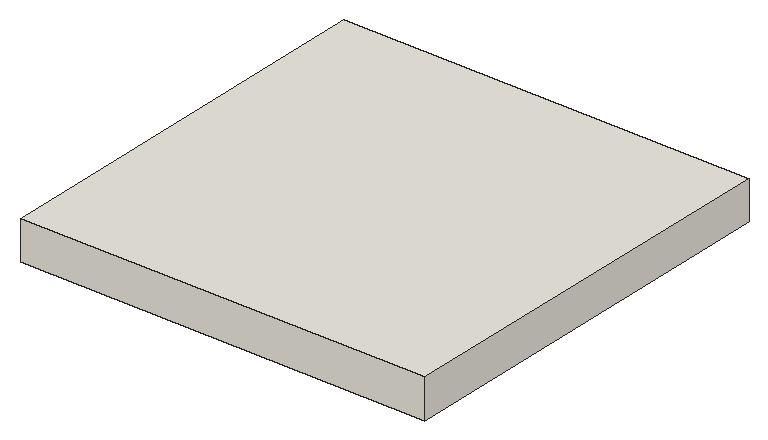
Revit family "UNIVERSAL", category Осветительные приборы, Revit 2019 (continued)
Types (12, lengths in mm): name | Файл фотометрической сетки | built-in parameter 1150105 | Lumens | built-in parameter 1150106 | built-in parameter 1150142 | Wattage | Emit from Rectangle Width | Emit from Rectangle Length | Длина | Ширина | ADSK_Ток | ADSK_Полная мощность | ADSK_Обозначение | ADSK_Номинальная мощность | ADSK_Наименование | ADSK_Код изделия
     455.957 388.002 \r\n322.118 259.095 199.130 140.545 88.075 40.142 2.959 \r\n2375.255 2375.058 2370.718 2362.236 2349.315 2332.450 2311.443 2286.293 2257.000 2224.452 2188.158 2148.312 2104.818 2058.758 2010.233 1958.256 1903.813 1846.708 \r\n1787.630 1726.875 1663.655 1598.955 1533.367 1466.301 1397.063 1326.052 1252.968 1181.168 1108.971 1036.283 963.003 889.624 816.244 742.964 669.979 597.882 526.574 456.943 388.889 \r\n323.007 259.786 199.721 141.038 88.469 40.437 2.959 \r\n2375.255 2375.156 2370.817 2362.433 2349.612 2332.746 2311.936 2286.786 2257.592 2225.045 2188.848 2149.200 2105.804 2059.646 2011.318 1959.341 1904.997 1847.891 \r\n1788.912 1728.157 1664.937 1600.336 1534.749 1467.681 1398.543 1327.629 1254.250 1182.450 1110.254 1037.566 964.285 890.906 817.428 744.147 671.064 598.868 527.659 457.830 389.777 \r\n323.795 260.575 200.412 141.531 88.864 40.733 2.959 \r\n2375.255 2375.255 2370.915 2362.631 2349.808 2333.042 2312.330 2287.377 2258.183 2225.735 2189.637 2149.989 2106.691 2060.632 2012.403 1960.426 1906.083 1849.173 \r\n1790.194 1729.539 1666.318 1601.717 1536.129 1469.062 1399.924 1329.109 1255.631 1183.830 1111.634 1038.848 965.567 892.089 818.611 745.232 672.149 599.953 528.646 458.817 390.664 \r\n324.584 261.265 201.003 142.123 89.357 40.930 2.959 \r\n2375.255 2375.255 2371.014 2362.827 2350.105 2333.437 2312.725 2287.871 2258.776 2226.425 2190.328 2150.778 2107.579 2061.618 2013.389 1961.610 1907.265 1850.357 \r\n1791.378 1730.821 1667.698 1603.097 1537.608 1470.542 1401.305 1330.588 1257.012 1185.211 1112.917 1040.228 966.849 893.371 819.795 746.416 673.234 601.038 529.632 459.705 391.553 \r\n325.373 261.956 201.694 142.616 89.751 41.226 3.057 \r\n2375.255 2375.353 2371.112 2362.927 2350.301 2333.732 2313.119 2288.364 2259.367 2227.017 2191.117 2151.666 2108.565 2062.604 2014.474 1962.694 1908.449 1851.639 \r\n1792.660 1732.103 1668.981 1604.478 1538.989 1471.922 1402.685 1332.067 1258.393 1186.493 1114.297 1041.511 968.132 894.555 820.978 747.599 674.318 602.025 530.618 460.691 392.441 \r\n326.163 262.745 202.285 143.208 90.146 41.523 3.057 \r\n2375.255 2375.353 2371.211 2363.124 2350.598 2334.127 2313.612 2288.857 2259.959 2227.708 2191.807 2152.454 2109.452 2063.492 2015.461 1963.780 1909.633 1852.922 \r\n1793.942 1733.484 1670.361 1605.859 1540.370 1473.303 1404.165 1333.547 1259.774 1187.874 1115.579 1042.793 969.314 895.837 822.162 748.684 675.404 603.109 531.604 461.578 393.328 \r\n327.050 263.435 202.976 143.701 90.541 41.818 3.057 \r\n2375.255 2375.452 2371.310 2363.321 2350.795 2334.423 2314.007 2289.350 2260.452 2228.398 2192.596 2153.342 2110.340 2064.479 2016.545 1964.963 1910.816 1854.105 \r\n1795.224 1734.766 1671.742 1607.240 1541.751 1474.782 1405.546 1335.026 1261.154 1189.255 1116.961 1044.075 970.597 897.021 823.346 749.867 676.488 604.195 532.591 462.564 394.216 \r\n327.839 264.126 203.568 144.194 91.034 42.114 3.156 \r\n2375.255 2375.551 2371.408 2363.518 2351.091 2334.818 2314.402 2289.843 2261.044 2228.990 2193.287 2154.131 2111.228 2065.465 2017.631 1966.048 1912.000 1855.388 \r\n1796.507 1736.146 1673.123 1608.621 1543.132 1476.164 1406.926 1336.605 1262.535 1190.537 1118.243 1045.357 971.879 898.204 824.628 750.953 677.672 605.181 533.577 463.452 395.103 \r\n328.628 264.915 204.258 144.786 91.428 42.410 3.156 \r\n2375.255 2375.551 2371.507 2363.715 2351.288 2335.113 2314.895 2290.336 2261.635 2229.680 2194.075 2154.920 2112.215 2066.451 2018.617 1967.132 1913.183 1856.570 \r\n1797.690 1737.429 1674.406 1610.001 1544.611 1477.544 1408.307 1338.084 1263.916 1191.917 1119.624 1046.639 973.161 899.486 825.812 752.136 678.757 606.265 534.563 464.439 395.893 \r\n329.417 265.605 204.850 145.279 91.823 42.705 3.156 \r\n2375.255 2375.649 2371.606 2363.814 2351.584 2335.409 2315.289 2290.829 2262.227 2230.370 2194.766 2155.808 2113.102 2067.437 2019.701 1968.316 1914.268 1857.853 \r\n1798.973 1738.809 1675.786 1611.382 1545.992 1479.023 1409.688 1339.564 1265.198 1193.299 1120.906 1047.921 974.443 900.670 826.994 753.319 679.842 607.350 535.549 465.327 396.780 \r\n330.206 266.394 205.541 145.772 92.217 43.002 3.156 \r\n2375.255 2375.649 2371.704 2364.011 2351.880 2335.804 2315.684 2291.323 2262.819 2230.962 2195.555 2156.597 2113.990 2068.325 2020.786 1969.402 1915.452 1859.036 \r\n1800.255 1740.091 1677.167 1612.762 1547.373 1480.404 1411.168 1341.043 1266.579 1194.581 1122.287 1049.302 975.725 901.952 828.178 754.405 680.927 608.336 536.536 466.313 397.668 \r\n331.094 267.085 206.132 146.363 92.710 43.298 3.255 \r\n2375.255 2375.748 2371.803 2364.209 2352.078 2336.100 2316.079 2291.816 2263.411 2231.653 2196.245 2157.386 2114.877 2069.311 2021.772 1970.486 1916.635 1860.319 \r\n1801.537 1741.374 1678.449 1614.144 1548.753 1481.785 1412.548 1342.523 1267.960 1195.962 1123.569 1050.584 976.909 903.136 829.362 755.588 682.012 609.422 537.522 467.200 398.556 \r\n331.883 267.774 206.823 146.857 93.105 43.593 3.255 \r\n2375.255 2375.748 2372.001 2364.406 2352.373 2336.494 2316.572 2292.309 2264.003 2232.343 2197.034 2158.274 2115.863 2070.297 2022.858 1971.571 1917.819 1861.502 \r\n1802.819 1742.754 1679.830 1615.525 1550.134 1483.166 1413.929 1344.100 1269.341 1197.342 1124.949 1051.867 978.191 904.418 830.545 756.673 683.097 610.506 538.606 468.186 399.443 \r\n332.672 268.564 207.414 147.449 93.500 43.791 3.255 \r\n2375.255 2375.846 2372.099 2364.603 2352.571 2336.790 2316.966 2292.802 2264.594 2232.935 2197.725 2159.063 2116.751 2071.283 2023.942 1972.754 1919.002 1862.785 \r\n1804.002 1744.036 1681.210 1616.905 1551.614 1484.645 1415.310 1345.580 1270.721 1198.625 1126.232 1053.149 979.474 905.601 831.729 757.857 684.181 611.493 539.593 469.172 400.331 \r\n333.461 269.254 208.105 147.942 93.893 44.087 3.255 \r\n2375.255 2375.946 2372.197 2364.702 2352.866 2337.086 2317.361 2293.393 2265.186 2233.626 2198.514 2159.950 2117.639 2072.171 2024.929 1973.840 1920.186 1864.067 \r\n1805.284 1745.417 1682.591 1618.286 1552.995 1486.026 1416.790 1347.059 1272.102 1200.005 1127.612 1054.430 980.756 906.784 832.912 758.941 685.365 612.578 540.579 470.060 401.218 \r\n334.249 269.944 208.697 148.435 94.288 44.382 3.354 \r\n2375.255 2375.946 2372.296 2364.899 2353.064 2337.480 2317.854 2293.886 2265.778 2234.315 2199.204 2160.740 2118.625 2073.158 2026.014 1974.924 1921.370 1865.250 \r\n1806.566 1746.699 1683.873 1619.666 1554.375 1487.407 1418.170 1348.538 1273.483 1201.386 1128.894 1055.712 982.038 908.067 834.096 760.125 686.450 613.663 541.565 471.047 402.106 \r\n335.039 270.733 209.387 149.027 94.781 44.678 3.354 \r\n2375.255 2376.044 2372.394 2365.097 2353.360 2337.777 2318.248 2294.380 2266.370 2234.908 2199.993 2161.528 2119.513 2074.144 2027.000 1976.108 1922.553 1866.532 \r\n1807.849 1747.981 1685.255 1621.048 1555.756 1488.886 1419.551 1350.018 1274.864 1202.668 1130.275 1056.994 983.320 909.250 835.279 761.309 687.535 614.649 542.552 471.935 402.895 \r\n335.926 271.424 209.979 149.520 95.176 44.975 3.354 \r\n2375.255 2376.044 2372.494 2365.293 2353.557 2338.171 2318.643 2294.873 2266.961 2235.598 2200.684 2162.415 2120.401 2075.130 2028.085 1977.192 1923.638 1867.716 \r\n1809.131 1749.362 1686.635 1622.429 1557.136 1490.267 1420.931 1351.497 1276.146 1204.049 1131.557 1058.376 984.503 910.533 836.463 762.393 688.619 615.733 543.538 472.921 403.783 \r\n336.715 272.212 210.670 150.112 95.570 45.270 3.354 \r\n2375.255 2376.142 2372.592 2365.392 2353.853 2338.466 2319.037 2295.366 2267.553 2236.288 2201.472 2163.205 2121.288 2076.018 2029.169 1978.278 1924.822 1868.998 \r\n1810.315 1750.644 1688.016 1623.809 1558.616 1491.648 1422.411 1353.076 1277.527 1205.430 1132.938 1059.658 985.785 911.716 837.647 763.577 689.705 616.720 544.524 473.808 404.670 \r\n337.505 272.903 211.261 150.605 95.965 45.566 3.452 \r\n2375.255 2376.142 2372.690 2365.590 2354.050 2338.861 2319.531 2295.859 2268.145 2236.880 2202.163 2164.092 2122.274 2077.005 2030.156 1979.462 1926.004 1870.182 \r\n1811.597 1752.025 1689.298 1625.190 1559.997 1493.128 1423.792 1354.555 1278.908 1206.711 1134.220 1060.939 987.067 912.998 838.830 764.662 690.789 617.805 545.510 474.794 405.558 \r\n338.294 273.594 211.952 151.098 96.458 45.862 3.452 \r\n2375.255 2376.241 2372.789 2365.786 2354.346 2339.157 2319.924 2296.352 2268.736 2237.571 2202.952 2164.881 2123.162 2077.991 2031.241 1980.546 1927.188 1871.464 \r\n1812.879 1753.307 1690.679 1626.570 1561.378 1494.508 1425.173 1356.035 1280.288 1208.093 1135.602 1062.222 988.350 914.181 840.013 765.845 691.875 618.890 546.497 475.682 406.446 \r\n339.083 274.382 212.642 151.690 96.852 46.157 3.452 \r\n2375.255 2376.142 2372.690 2365.590 2354.050 2338.861 2319.531 2295.859 2268.145 2236.880 2202.163 2164.092 2122.274 2077.005 2030.156 1979.462 1926.004 1870.182 \r\n1811.597 1752.025 1689.298 1625.190 1559.997 1493.128 1423.792 1354.555 1278.908 1206.711 1134.220 1060.939 987.067 912.998 838.830 764.662 690.789 617.805 545.510 474.794 405.558 \r\n338.294 273.594 211.952 151.098 96.458 45.862 3.452 \r\n2375.255 2376.142 2372.592 2365.392 2353.853 2338.466 2319.037 2295.366 2267.553 2236.288 2201.472 2163.205 2121.288 2076.018 2029.169 1978.278 1924.822 1868.998 \r\n1810.315 1750.644 1688.016 1623.809 1558.616 1491.648 1422.411 1353.076 1277.527 1205.430 1132.938 1059.658 985.785 911.716 837.647 763.577 689.705 616.720 544.524 473.808 404.670 \r\n337.505 272.903 211.261 150.605 95.965 45.566 3.452 \r\n2375.255 2376.044 2372.494 2365.293 2353.557 2338.171 2318.643 2294.873 2266.961 2235.598 2200.684 2162.415 2120.401 2075.130 2028.085 1977.192 1923.638 1867.716 \r\n1809.131 1749.362 1686.635 1622.429 1557.136 1490.267 1420.931 1351.497 1276.146 1204.049 1131.557 1058.376 984.503 910.533 836.463 762.393 688.619 615.733 543.538 472.921 403.783 \r\n336.715 272.212 210.670 150.112 95.570 45.270 3.354 \r\n2375.255 2376.044 2372.394 2365.097 2353.360 2337.777 2318.248 2294.380 2266.370 2234.908 2199.993 2161.528 2119.513 2074.144 2027.000 1976.108 1922.553 1866.532 \r\n1807.849 1747.981 1685.255 1621.048 1555.756 1488.886 1419.551 1350.018 1274.864 1202.668 1130.275 1056.994 983.320 909.250 835.279 761.309 687.535 614.649 542.552 471.935 402.895 \r\n335.926 271.424 209.979 149.520 95.176 44.975 3.354 \r\n2375.255 2375.946 2372.296 2364.899 2353.064 2337.480 2317.854 2293.886 2265.778 2234.315 2199.204 2160.740 2118.625 2073.158 2026.014 1974.924 1921.370 1865.250 \r\n1806.566 1746.699 1683.873 1619.666 1554.375 1487.407 1418.170 1348.538 1273.483 1201.386 1128.894 1055.712 982.038 908.067 834.096 760.125 686.450 613.663 541.565 471.047 402.106 \r\n335.039 270.733 209.387 149.027 94.781 44.678 3.354 \r\n2375.255 2375.946 2372.197 2364.702 2352.866 2337.086 2317.361 2293.393 2265.186 2233.626 2198.514 2159.950 2117.639 2072.171 2024.929 1973.840 1920.186 1864.067 \r\n1805.284 1745.417 1682.591 1618.286 1552.995 1486.026 1416.790 1347.059 1272.102 1200.005 1127.612 1054.430 980.756 906.784 832.912 758.941 685.365 612.578 540.579 470.060 401.218 \r\n334.249 269.944 208.697 148.435 94.288 44.382 3.354 \r\n2375.255 2375.846 2372.099 2364.603 2352.571 2336.790 2316.966 2292.802 2264.594 2232.935 2197.725 2159.063 2116.751 2071.283 2023.942 1972.754 1919.002 1862.785 \r\n1804.002 1744.036 1681.210 1616.905 1551.614 1484.645 1415.310 1345.580 1270.721 1198.625 1126.232 1053.149 979.474 905.601 831.729 757.857 684.181 611.493 539.593 469.172 400.331 \r\n333.461 269.254 208.105 147.942 93.893 44.087 3.255 \r\n2375.255 2375.748 2372.001 2364.406 2352.373 2336.494 2316.572 2292.309 2264.003 2232.343 2197.034 2158.274 2115.863 2070.297 2022.858 1971.571 1917.819 1861.502 \r\n1802.819 1742.754 1679.830 1615.525 1550.134 1483.166 1413.929 1344.100 1269.341 1197.342 1124.949 1051.867 978.191 904.418 830.545 756.673 683.097 610.506 538.606 468.186 399.443 \r\n332.672 268.564 207.414 147.449 93.500 43.791 3.255 \r\n2375.255 2375.748 2371.803 2364.209 2352.078 2336.100 2316.079 2291.816 2263.411 2231.653 2196.245 2157.386 2114.877 2069.311 2021.772 1970.486 1916.635 1860.319 \r\n1801.537 1741.374 1678.449 1614.144 1548.753 1481.785 1412.548 1342.523 1267.960 1195.962 1123.569 1050.584 976.909 903.136 829.362 755.588 682.012 609.422 537.522 467.200 398.556 \r\n331.883 267.774 206.823 146.857 93.105 43.593 3.255 \r\n2375.255 2375.649 2371.704 2364.011 2351.880 2335.804 2315.684 2291.323 2262.819 2230.962 2195.555 2156.597 2113.990 2068.325 2020.786 1969.402 1915.452 1859.036 \r\n1800.255 1740.091 1677.167 1612.762 1547.373 1480.404 1411.168 1341.043 1266.579 1194.581 1122.287 1049.302 975.725 901.952 828.178 754.405 680.927 608.336 536.536 466.313 397.668 \r\n331.094 267.085 206.132 146.363 92.710 43.298 3.255 \r\n2375.255 2375.649 2371.606 2363.814 2351.584 2335.409 2315.289 2290.829 2262.227 2230.370 2194.766 2155.808 2113.102 2067.437 2019.701 1968.316 1914.268 1857.853 \r\n1798.973 1738.809 1675.786 1611.382 1545.992 1479.023 1409.688 1339.564 1265.198 1193.299 1120.906 1047.921 974.443 900.670 826.994 753.319 679.842 607.350 535.549 465.327 396.780 \r\n330.206 266.394 205.541 145.772 92.217 43.002 3.156 \r\n2375.255 2375.551 2371.507 2363.715 2351.288 2335.113 2314.895 2290.336 2261.635 2229.680 2194.075 2154.920 2112.215 2066.451 2018.617 1967.132 1913.183 1856.570 \r\n1797.690 1737.429 1674.406 1610.001 1544.611 1477.544 1408.307 1338.084 1263.916 1191.917 1119.624 1046.639 973.161 899.486 825.812 752.136 678.757 606.265 534.563 464.439 395.893 \r\n329.417 265.605 204.850 145.279 91.823 42.705 3.156 \r\n2375.255 2375.551 2371.408 2363.518 2351.091 2334.818 2314.402 2289.843 2261.044 2228.990 2193.287 2154.131 2111.228 2065.465 2017.631 1966.048 1912.000 1855.388 \r\n1796.507 1736.146 1673.123 1608.621 1543.132 1476.164 1406.926 1336.605 1262.535 1190.537 1118.243 1045.357 971.879 898.204 824.628 750.953 677.672 605.181 533.577 463.452 395.103 \r\n328.628 264.915 204.258 144.786 91.428 42.410 3.156 \r\n2375.255 2375.452 2371.310 2363.321 2350.795 2334.423 2314.007 2289.350 2260.452 2228.398 2192.596 2153.342 2110.340 2064.479 2016.545 1964.963 1910.816 1854.105 \r\n1795.224 1734.766 1671.742 1607.240 1541.751 1474.782 1405.546 1335.026 1261.154 1189.255 1116.961 1044.075 970.597 897.021 823.346 749.867 676.488 604.195 532.591 462.564 394.216 \r\n327.839 264.126 203.568 144.194 91.034 42.114 3.156 \r\n2375.255 2375.353 2371.211 2363.124 2350.598 2334.127 2313.612 2288.857 2259.959 2227.708 2191.807 2152.454 2109.452 2063.492 2015.461 1963.780 1909.633 1852.922 \r\n1793.942 1733.484 1670.361 1605.859 1540.370 1473.303 1404.165 1333.547 1259.774 1187.874 1115.579 1042.793 969.314 895.837 822.162 748.684 675.404 603.109 531.604 461.578 393.328 \r\n327.050 263.435 202.976 143.701 90.541 41.818 3.057 \r\n2375.255 2375.353 2371.112 2362.927 2350.301 2333.732 2313.119 2288.364 2259.367 2227.017 2191.117 2151.666 2108.565 2062.604 2014.474 1962.694 1908.449 1851.639 \r\n1792.660 1732.103 1668.981 1604.478 1538.989 1471.922 1402.685 1332.067 1258.393 1186.493 1114.297 1041.511 968.132 894.555 820.978 747.599 674.318 602.025 530.618 460.691 392.441 \r\n326.163 262.745 202.285 143.208 90.146 41.523 3.057 \r\n2375.255 2375.255 2371.014 2362.827 2350.105 2333.437 2312.725 2287.871 2258.776 2226.425 2190.328 2150.778 2107.579 2061.618 2013.389 1961.610 1907.265 1850.357 \r\n1791.378 1730.821 1667.698 1603.097 1537.608 1470.542 1401.305 1330.588 1257.012 1185.211 1112.917 1040.228 966.849 893.371 819.795 746.416 673.234 601.038 529.632 459.705 391.553 \r\n325.373 261.956 201.694 142.616 89.751 41.226 3.057 \r\n2375.255 2375.255 2370.915 2362.631 2349.808 2333.042 2312.330 2287.377 2258.183 2225.735 2189.637 2149.989 2106.691 2060.632 2012.403 1960.426 1906.083 1849.173 \r\n1790.194 1729.539 1666.318 1601.717 1536.129 1469.062 1399.924 1329.109 1255.631 1183.830 1111.634 1038.848 965.567 892.089 818.611 745.232 672.149 599.953 528.646 458.817 390.664 \r\n324.584 261.265 201.003 142.123 89.357 40.930 2.959 \r\n2375.255 2375.156 2370.817 2362.433 2349.612 2332.746 2311.936 2286.786 2257.592 2225.045 2188.848 2149.200 2105.804 2059.646 2011.318 1959.341 1904.997 1847.891 \r\n1788.912 1728.157 1664.937 1600.336 1534.749 1467.681 1398.543 1327.629 1254.250 1182.450 1110.254 1037.566 964.285 890.906 817.428 744.147 671.064 598.868 527.659
